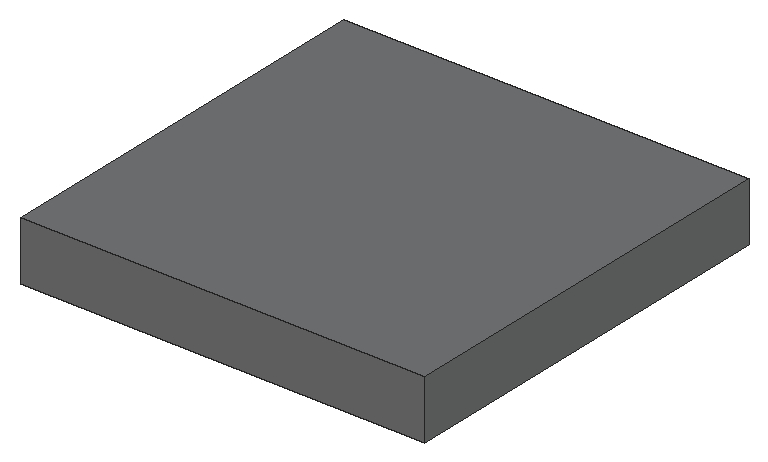
Revit family "Gira_027603", category Electrical Fixtures, host Face, Revit 2017
Family settings
  Host = Face
  Maintain Annotation Orientation = No
  Round Connector Dimension = Use Diameter
  Part Type = Normal
  Cut with Voids When Loaded = No
  Shared = No
  Room Calculation Point = No
Parameters (values of type "Abd. TAE USB System 55 Reinweiß")
  Zusammenstellung = "Zentralplatte"
  Werkstoffgüte = "sonstige"
  Werkstoff = "Kunststoff"
  Verwendung = "TAE"
  URL = "http://katalog.gira.de/de_DE/datenblatt.html?artikelnr=027603"
  Transparent = "No"
  Tragring = "No"
  Region = "DE"
  RAL-Nummer (ähnlich) = "9010 "
  Oberfläche = "sonstige"
  Name = "Abd. TAE USB System 55 Reinweiß"
  Montageart = "unter Putz"
  Mit Zugentlastung = "No"
  Mit Staubschutz = "No"
  Mit Klappdeckel = "No"
  Mit Aufdruck = "No"
  Manufacturer URL = "https://www.gira.de/"
  Lüsterklemme = "No"
  Keynote = "Sys55_Abdeckung_Schalten und Tasten"
  HeinzeBIM = "https://bimportal.heinze.de/bim/abd-tae-usb-system-55-reinweiss/237cd89e0bfc41bd64ec18eb60aac1d1c5042dfd"
  Halogenfrei = "Yes"
  HAN = "027603"
  Geeignet für Schutzart (IP) = "IP20"
  GTIN = "4010337276036"
  Farbe = "weiß"
  Default Elevation = 1219.2 mm
  Data sheet (1) = "https://katalog.gira.de/de_DE/download.html?artikelnr=027603"
  Category = "Einsatz/Abdeckung für Kommunikationstechnik"
  Beschriftungsfeld = "ohne Beschriftungsfeld"
  Befestigungsart = "Befestigung mit Schraube"
  Available = "Yes"
  Ausführung der Oberfläche = "glänzend"
  Anthrazit [instance] = Anthrazit
Reference planes
  plane 1 "Center (Front/Back)": y = 0
  plane 2: z = 0
  plane 3 "Center (Left/Right)": x = 0
Forms (mm)
  Extrusion 1, solid, material "Anthrazit" <- "Anthrazit", detail levels fine
    sketch origin (0, 0, 0) x (1, 0, 0) y (0, 1, 0)
      loop
        line (-27.5, 27.5) -> (-27.5, -27.5) -> (27.5, -27.5) -> (27.5, 27.5) -> (-27.5, 27.5)
    from 0 to 8
  Extrusion 2, void
    sketch origin (0, 0, 0) x (1, 0, 0) y (0, 1, 0)
      loop
        line (26, 26) -> (-26, 26) -> (-26, -26) -> (26, -26) -> (26, 26)
    from 0 to 6
  Extrusion 3, solid, material "Anthrazit" <- "Anthrazit", detail levels medium
    sketch origin (0, 0, 0) x (1, 0, 0) y (0, 1, 0)
      loop
        line (-27.5, 27.5) -> (-27.5, -27.5) -> (27.5, -27.5) -> (27.5, 27.5) -> (-27.5, 27.5)
    from 0 to 8
  Extrusion 4, solid, material "Anthrazit" <- "Anthrazit", detail levels medium
    sketch origin (0, 0, 0) x (1, 0, 0) y (0, 1, 0)
      loop
        line (11, -17.5) -> (11, 17.5) -> (-11, 17.5) -> (-11, -17.5) -> (11, -17.5)
    from -6 to 6
  Extrusion 5, solid, material "Anthrazit" <- "Anthrazit", detail levels fine
    sketch origin (0, 0, 0) x (1, 0, 0) y (0, 1, 0)
      loop
        line (11, 17.5) -> (-11, 17.5) -> (-11, 16.5) -> (11, 16.5) -> (11, 17.5)
      loop
        line (-11, -16.5) -> (-11, -17.5) -> (11, -17.5) -> (11, -16.5) -> (-11, -16.5)
    from -4 to 6
  Extrusion 6, solid, material "Anthrazit" <- "Anthrazit", detail levels fine
    sketch origin (0, 0, 0) x (1, 0, 0) y (0, 1, 0)
      loop
        arc (5, 9.347) -> (0, 10.6) -> (-5, 9.347) r 10.6
        line (-5, 9.347) -> (-5, -9.347)
        arc (-5, -9.347) -> (0, -10.6) -> (5, -9.347) r 10.6
        line (5, -9.347) -> (5, 9.347)
    from -6 to 6
  Extrusion 7, solid, material "Anthrazit" <- "Anthrazit", detail levels coarse
    sketch origin (0, 0, 0) x (1, 0, 0) y (0, 1, 0)
      loop
        line (-27.5, 27.5) -> (-27.5, -27.5) -> (27.5, -27.5) -> (27.5, 27.5) -> (-27.5, 27.5)
    from -6 to 8
Cuts and joins
  Extrusion 2 cuts Extrusion 1
Dimensions and locks
  aligned and locked: plane 2 to host face
  aligned and locked: level to host face
